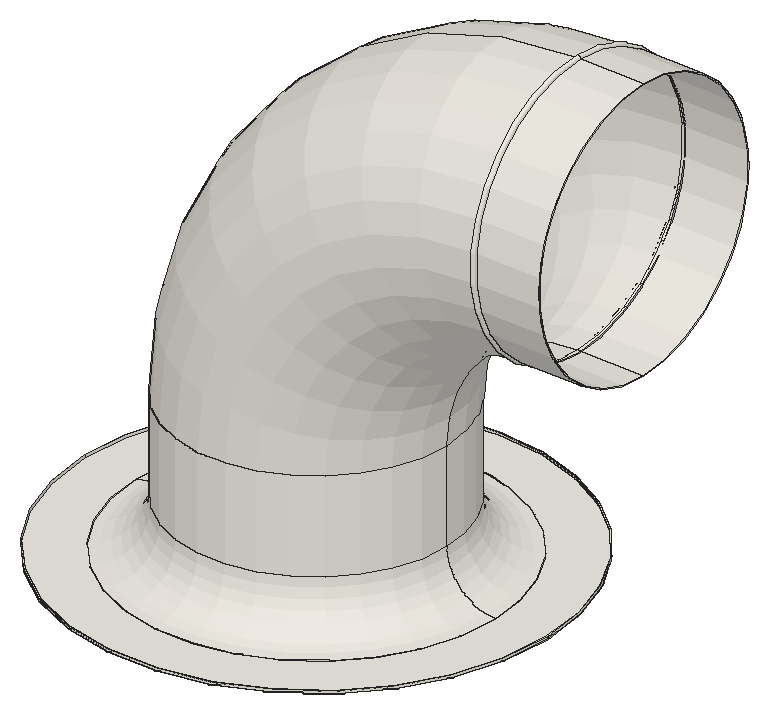
Revit family "Air Terminals_LDI-V_Formstück", category Air Terminals, Revit 2017
Family settings
  Round Connector Dimension = Use Diameter
  Part Type = Normal
  OmniClass Number = 23.40.40.14.21.11
  OmniClass Title = Food Service Hoods
  Work Plane-Based = No
  Always vertical = Yes
  Cut with Voids When Loaded = No
  Shared = No
  Room Calculation Point = No
Parameters (values of type "LDI-V/EI_DN 800")
  ∆p (Pa) = if(DN = 1, "31/61/119", if(DN = 2, "39/76/138", if(DN = 3, "37/71/143", if(DN = 4, "32/62/124", if(DN = 5, "27/53/104", "24/47/91")))))  # "24/47/91"
  Ymax (m) = if(DN = 1, "2.5/3.7/5.5", if(DN = 2, "3.5/5.2/7.3", if(DN = 3, "3.8/5.5/8.2", if(DN = 4, "3.9/5.7/8.4", if(DN = 5, "4.0/5.8/8.6", "4.2/6.1/8.9")))))  # "4.2/6.1/8.9"
  Vo (m3/h) = if(DN = 1, "410/580/810", if(DN = 2, "820/1150/1550", if(DN = 3, "1300/1800/2550", if(DN = 4, "1900/2650/3750", if(DN = 5, "2800/3900/5500", "4300/6000/8300")))))  # "4300/6000/8300"
  Visible_DN = no
  Visible = yes
  Mindestabstand (m) = if(DN = 1, "2.0/2.8/3.9", if(DN = 2, "2.9/4.1/5.5", if(DN = 3, "3.3/4.6/6.5", if(DN = 4, "3.6/5.0/7.1", if(DN = 5, "3.9/5.5/7.7", "4.4/6.1/8.4")))))  # "4.4/6.1/8.4"
  Min Flow = 0.0 L/s
  Maß Ø R1 mm = if(DN = 1, 480 mm, if(DN = 2, 580 mm, if(DN = 3, 750 mm, if(DN = 4, 925 mm, if(DN = 5, 1160 mm, 1420 mm)))))  # 1420 mm
  Maß Ø R mm = if(DN = 1, 330 mm, if(DN = 2, 415 mm, if(DN = 3, 535 mm, if(DN = 4, 660 mm, if(DN = 5, 830 mm, 1100 mm)))))  # 1100 mm
  Maß Ø D1 = if(DN = 1, 223 mm, if(DN = 2, 279 mm, if(DN = 3, 354 mm, if(DN = 4, 449 mm, 559 mm))))  # 559 mm
  Maß Ø A mm = if(DN = 1, 253 mm, if(DN = 2, 318 mm, if(DN = 3, 403 mm, if(DN = 4, 503 mm, if(DN = 5, 633 mm, 804 mm)))))  # 804 mm
  Maß K (nur LDI-V) mm = 8 mm  # constant formula
  Maß H mm = if(DN = 1, 140 mm, if(DN = 2, 175 mm, if(DN = 3, 215 mm, if(DN = 4, 280 mm, if(DN = 5, 355 mm, 425 mm)))))  # 425 mm
  Max Flow = 0.0 L/s
  Material [instance] = "Aluminium"  # constant formula
  Masse (kg) SM_EI/ EA_TA/TB = if(L = 1, "2.7", if(L = 2, "3.8", if(L = 3, "6.3", if(L = 4, "8.9", if(L = 5, "14.5", if(L = 6, "30.0", if(L = 7, "4.1", if(L = 8, "5.3", if(L = 9, "7.0", if(L = 10, "10.2", if(L = 11, "15.4", if(L = 12, "31.2", if(L = 13, "4.1", if(L = 14, "5.3", if(L = 15, "6.7", if(L = 16, "9.9", if(L = 17, "15.1", "30.2")))))))))))))))))  # "31.2"
  Lwa (dB(A)) = if(DN = 1, "40/50/60", if(DN = 2, "40/50/60", if(DN = 3, "40/50/60", if(DN = 4, "40/50/60", if(DN = 5, "40/50/60", "40/50/60")))))  # "40/50/60"
  Leaf_b = if(DN = 1, 120 mm, if(DN = 2, 150 mm, if(DN = 3, 190 mm, if(DN = 4, 239 mm, if(DN = 5, 300 mm, 381 mm)))))  # 381 mm
  L = 12
  Einbauhöhe (m) = if(DN = 1, "3.0/3.0/3.0", if(DN = 2, "4.5/4.5/4.5", if(DN = 3, "6.0/6.0/6.0", if(DN = 4, "8.0/8.0/8.0", if(DN = 5, "10.0/10.0/10.0", "12.0/12.0/12.0")))))  # "12.0/12.0/12.0"
  DN = 6
  Color [instance] = RAL 9010
  Bauhöhe L (nur EI/EA_nur TA/TB) mm = if(L = 1, 0 mm, if(L = 2, 0 mm, if(L = 3, 0 mm, if(L = 4, 0 mm, if(L = 5, 0 mm, if(L = 6, 0 mm, if(L = 7, 285 mm, if(L = 8, 295 mm, if(L = 9, 300 mm, if(L = 10, 325 mm, if(L = 11, 345 mm, if(L = 12, 425 mm, if(L = 13, 270 mm, if(L = 14, 280 mm, if(L = 15, 290 mm, if(L = 16, 290 mm, if(L = 17, 355 mm, 425 mm)))))))))))))))))  # 425 mm
Types (19, lengths in mm): name | ∆p (Pa) | Ymax (m) | Vo (m3/h) | Visible_DN | Visible | Mindestabstand (m) | Maß Ø R1 mm | Maß Ø R mm | Maß Ø D1 | Maß Ø A mm | Maß H mm | Masse (kg) SM_EI/ EA_TA/TB | Leaf_b | L | Einbauhöhe (m) | DN | Bauhöhe L (nur EI/EA_nur TA/TB) mm
  (no name) | "24/47/91" | "4.2/6.1/8.9" | "4300/6000/8300" | no | yes | "4.4/6.1/8.4" | 1420 | 1100 | 559 | 804 | 425 | "31.2" | 381 | 12 | "12.0/12.0/12.0" | 6 | 425
  LDI-V/SM_DN 250 | "31/61/119" | "2.5/3.7/5.5" | "410/580/810" | yes | no | "2.0/2.8/3.9" | 480 | 330 | 223 | 253 | 140 | "2.7" | 120 | 1 | "3.0/3.0/3.0" | 1 | 0
  LDI-V/SM_DN 315 | "39/76/138" | "3.5/5.2/7.3" | "820/1150/1550" | yes | no | "2.9/4.1/5.5" | 580 | 415 | 279 | 318 | 175 | "3.8" | 150 | 2 | "4.5/4.5/4.5" | 2 | 0
  LDI-V/SM_DN 400 | "37/71/143" | "3.8/5.5/8.2" | "1300/1800/2550" | yes | no | "3.3/4.6/6.5" | 750 | 535 | 354 | 403 | 215 | "6.3" | 190 | 3 | "6.0/6.0/6.0" | 3 | 0
  LDI-V/SM_DN 500 | "32/62/124" | "3.9/5.7/8.4" | "1900/2650/3750" | yes | no | "3.6/5.0/7.1" | 925 | 660 | 449 | 503 | 280 | "8.9" | 239 | 4 | "8.0/8.0/8.0" | 4 | 0
  LDI-V/SM_DN 630 | "27/53/104" | "4.0/5.8/8.6" | "2800/3900/5500" | yes | no | "3.9/5.5/7.7" | 1160 | 830 | 559 | 633 | 355 | "14.5" | 300 | 5 | "10.0/10.0/10.0" | 5 | 0
  LDI-V/SM_DN 800 | "24/47/91" | "4.2/6.1/8.9" | "4300/6000/8300" | no | no | "4.4/6.1/8.4" | 1420 | 1100 | 559 | 804 | 425 | "30.0" | 381 | 6 | "12.0/12.0/12.0" | 6 | 0
  LDI-V/EI_DN 250 | "31/61/119" | "2.5/3.7/5.5" | "410/580/810" | yes | yes | "2.0/2.8/3.9" | 480 | 330 | 223 | 253 | 140 | "4.1" | 120 | 7 | "3.0/3.0/3.0" | 1 | 285
  LDI-V/EI_DN 315 | "39/76/138" | "3.5/5.2/7.3" | "820/1150/1550" | yes | yes | "2.9/4.1/5.5" | 580 | 415 | 279 | 318 | 175 | "5.3" | 150 | 8 | "4.5/4.5/4.5" | 2 | 295
  LDI-V/EI_DN 400 | "37/71/143" | "3.8/5.5/8.2" | "1300/1800/2550" | yes | yes | "3.3/4.6/6.5" | 750 | 535 | 354 | 403 | 215 | "7.0" | 190 | 9 | "6.0/6.0/6.0" | 3 | 300
  LDI-V/EI_DN 500 | "32/62/124" | "3.9/5.7/8.4" | "1900/2650/3750" | yes | yes | "3.6/5.0/7.1" | 925 | 660 | 449 | 503 | 280 | "10.2" | 239 | 10 | "8.0/8.0/8.0" | 4 | 325
  LDI-V/EI_DN 630 | "27/53/104" | "4.0/5.8/8.6" | "2800/3900/5500" | yes | yes | "3.9/5.5/7.7" | 1160 | 830 | 559 | 633 | 355 | "15.4" | 300 | 11 | "10.0/10.0/10.0" | 5 | 345
  LDI-V/EI_DN 800 | "24/47/91" | "4.2/6.1/8.9" | "4300/6000/8300" | no | yes | "4.4/6.1/8.4" | 1420 | 1100 | 559 | 804 | 425 | "31.2" | 381 | 12 | "12.0/12.0/12.0" | 6 | 425
  LDI-V/TA_DN 250 | "31/61/119" | "2.5/3.7/5.5" | "410/580/810" | yes | yes | "2.0/2.8/3.9" | 480 | 330 | 223 | 253 | 140 | "4.1" | 120 | 13 | "3.0/3.0/3.0" | 1 | 270
  LDI-V/TA_DN 315 | "39/76/138" | "3.5/5.2/7.3" | "820/1150/1550" | yes | yes | "2.9/4.1/5.5" | 580 | 415 | 279 | 318 | 175 | "5.3" | 150 | 14 | "4.5/4.5/4.5" | 2 | 280
  LDI-V/TA_DN 400 | "37/71/143" | "3.8/5.5/8.2" | "1300/1800/2550" | yes | yes | "3.3/4.6/6.5" | 750 | 535 | 354 | 403 | 215 | "6.7" | 190 | 15 | "6.0/6.0/6.0" | 3 | 290
  LDI-V/TA_DN 500 | "32/62/124" | "3.9/5.7/8.4" | "1900/2650/3750" | yes | yes | "3.6/5.0/7.1" | 925 | 660 | 449 | 503 | 280 | "9.9" | 239 | 16 | "8.0/8.0/8.0" | 4 | 290
  LDI-V/TA_DN 630 | "27/53/104" | "4.0/5.8/8.6" | "2800/3900/5500" | yes | yes | "3.9/5.5/7.7" | 1160 | 830 | 559 | 633 | 355 | "15.1" | 300 | 17 | "10.0/10.0/10.0" | 5 | 355
  LDI-V/TA_DN 800 | "24/47/91" | "4.2/6.1/8.9" | "4300/6000/8300" | no | yes | "4.4/6.1/8.4" | 1420 | 1100 | 559 | 804 | 425 | "30.2" | 381 | 18 | "12.0/12.0/12.0" | 6 | 425
Reference planes
  plane 1 "Center (Front/Back)": y = 0
  plane 2: z = 0
  plane 3 "Center (Left/Right)": x = 0
  plane 4: z = 425
Forms (mm)
  Extrusion 1, solid, material "RAL 9010", visible <- "Visible"
    sketch origin (0, 0, 0) x (1, 0, 0) y (0, 1, 0)
      loop
        circle (0, 0) r 30
    from 80 to 425
  Extrusion 2, solid, material "RAL 9010", visible <- "Visible", detail levels coarse+medium
    sketch origin (0, 0, 0) x (1, 0, 0) y (0, 1, 0)
      loop
        circle (0, 0) r 35
    from 80 to 425
  Extrusion 3, solid, material "RAL 9010", detail levels coarse+medium
    sketch origin (0, 0, 0) x (1, 0, 0) y (0, 1, 0)
      loop
        circle (0, 0) r 402
    from 10 to 11
  Extrusion 4, solid, material "RAL 9010", detail levels coarse+medium
    sketch origin (0, 0, -190) x (1, 0, 0) y (0, 1, 0)
      loop
        circle (0, 0) r 35
    from 190 to 270
Dimensions and locks
  "Bauhöhe L (nur EI/EA_nur TA/TB) mm": plane 4 to level
  "Maß Ø A mm": diameter of Extrusion 3 sketch curve
  aligned and locked: plane 4 to Extrusion 1
  aligned and locked: plane 4 to Extrusion 2
  aligned and locked: Extrusion 1 to nested 2
  aligned and locked: Extrusion 4 to nested 2
Automatic sketch dimensions
  plane 1 "Center (Front/Back)" to Extrusion 1 sketch curve = 0 mm
  Extrusion 1 sketch curve to plane 3 "Center (Left/Right)" = 0 mm
  plane 1 "Center (Front/Back)" to Extrusion 2 sketch curve = 0 mm
  Extrusion 2 sketch curve to plane 3 "Center (Left/Right)" = 0 mm
  plane 1 "Center (Front/Back)" to Extrusion 4 sketch curve = 0 mm
  Extrusion 4 sketch curve to plane 3 "Center (Left/Right)" = 0 mm
  plane 1 "Center (Front/Back)" to Extrusion 3 sketch curve = 0 mm
  Extrusion 3 sketch curve to plane 3 "Center (Left/Right)" = 0 mm
  radius of Extrusion 1 sketch curve = 30 mm
  radius of Extrusion 2 sketch curve = 35 mm
  radius of Extrusion 4 sketch curve = 35 mm
Nested families
  nested 1: "LDI_No K" at (0, 0, 0), type "LDI_No K"
  nested 2: "Fan" at (0, 0, 0), type "Fan", detail levels fine
    with Maß Ø A mm 804 mm, Leaf_b 381 mm
  nested 3: "LDI_K" at (0, 0, 0), type "LDI_K"
    with Maß Ø R1 mm 1420 mm, Maß Ø R mm 1100 mm
  nested 4: "Formstück" at (0, 0, 0), type "Formstück_DN 250"
    with Material "Aluminium", Color RAL 9010, Th_Ø A 802 mm, Maß Ø A mm 804 mm, Maß l2 201 mm, Maß l1 402 mm, Maß H mm 425 mm, DN 6
Connectors
  hvac at (1005, 0, 1229), driven by "Maß Ø A mm"
    settings: on nested 4, index 1, duct flow 0.0 L/s, flow factor 0, pres drop 0.0 Pa, loss coef 0, conn angle 0.00°, conn width 304.8 mm, conn height 304.8 mm, conn diameter 804 mm, duct sys type 1, conn prof type 0, flow config 0, flow direction 0, loss method 0, conn ref index -1, conn util no, is conn primary yes, conn desc ""
Definition of nested family "LDI_No K"
  Parameters (values of type "LDI_No K")
    Maß Ø R mm = 1100 mm
    Maß Ø A mm = 804 mm
    Maß H mm = 425 mm
  Reference planes
    plane 1 "Center (Front/Back)": y = 0
    plane 2: z = 0
    plane 3 "Center (Left/Right)": x = 0
  Forms (mm)
    Sweep 1, solid
      path origin (0, 0, 0) x (1, 0, 0) y (0, 1, 0)
        loop
          circle (0, 0) r 550
      profile "P_No K : P_No K" origin (0, 550, 0) x (0, -1, 0) y (0, 0, 1)
        loop
          line (148, 425) -> (148, 148)
          arc (148, 148) -> (104.652, 43.348) -> (0, 0) r 148
          line (0, 0) -> (0, -1)
          arc (0, -1) -> (105.359, 42.641) -> (149, 148) r 149
          line (149, 148) -> (149, 425) -> (148, 425)
  Dimensions and locks
    "Maß Ø R mm": diameter of Sweep 1 sketch curve
    aligned and locked: level to plane 2
  Automatic sketch dimensions
    plane 1 "Center (Front/Back)" to Sweep 1 sketch curve = 0 mm
    Sweep 1 sketch curve to plane 3 "Center (Left/Right)" = 0 mm
Definition of nested family "Fan"
  Parameters (values of type "Fan")
    Maß Ø A mm = 253 mm
    Leaf_b = 120 mm
  Reference planes
    plane 1 "Center (Front/Back)": y = 0
    plane 2: z = 0
    plane 3 "Center (Left/Right)": x = 0
  Forms (mm)
    Extrusion 1, solid
      sketch origin (0, 0, 0) x (1, 0, 0) y (0, 1, 0)
        loop
          circle (0, 0) r 35
      from 0 to 80
    Sweep 2, void
      path in 3D
        loop
          arc (35, 0, 0) -> (0, 35, 0) -> (-35, 0, 0) r 35
          arc (-35, 0, 0) -> (0, -35, 0) -> (35, 0, 0) r 35
      profile origin (0, -35, 0) x (0, -1, 0) y (0, 0, -1)
        loop
          line (0, 0) -> (-25, 0)
          arc (-25, 0) -> (-8.992, -5.615) -> (0, -20) r 25.625
          line (0, -20) -> (0, 0)
  Cuts and joins
    Sweep 2 cuts Extrusion 1
  Lines and regions (mm)
    sketch lines
      curve 1: arc (-35, 0, 0) -> (0, -35, 0) -> (35, 0, 0) r 35
      curve 2: arc (35, 0, 0) -> (0, 35, 0) -> (-35, 0, 0) r 35
  Dimensions and locks
    aligned and locked: level to plane 2
  Nested families
    nested 1: "Leaf" at (0, 0, 30), type "Leaf"
    nested 2: "Leaf" at (0, 0, 30) x (0.5, 0.866, 0) z (0, 0, 1), type "Leaf"
    nested 3: "Leaf" at (0, 0, 30) x (-0.5, 0.866, 0) z (0, 0, 1), type "Leaf"
    nested 4: "Leaf" at (0, 0, 30) x (-1, 0, 0) z (0, 0, 1), type "Leaf"
    nested 5: "Leaf" at (0, 0, 30) x (-0.5, -0.866, 0) z (0, 0, 1), type "Leaf"
    nested 6: "Leaf" at (0, 0, 30) x (0.5, -0.866, 0) z (0, 0, 1), type "Leaf"
  Definition of nested family "Leaf"
    Parameters (values of type "Leaf")
      RA2 = Maß Ø A mm - 10 mm  # 243 mm
      RA1 = 30 mm
      RA = Maß Ø A mm / 2  # 126.5 mm
      Maß Ø A mm = 253 mm
      Leaf_b = 120 mm
    Reference planes
      plane 1 "Center (Front/Back)": y = 0
      plane 2: z = 0
      plane 3 "Center (Left/Right)": x = 0
      plane 4: x = 30
      plane 5: x = 121.5
      plane 6: x = 126.5
    Forms (mm)
      SweptBlend 1, solid
        path origin (0, 0, 0) x (1, 0, 0) y (0, 1, 0)
          loop
            line (30, 0) -> (121.5, 0)
        profile "P_leaf_a : P_leaf_a" origin (30, 0, 0) x (0, 1, 0) y (0, 0, 1)
          loop
            line (12.99, -7.5) -> (13.49, -6.634) -> (-12.49, 8.366) -> (-12.99, 7.5) -> (12.99, -7.5)
        end profile "P_leaf_b : P_leaf_b" origin (121.5, 0, 0) x (0, 1, 0) y (0, 0, 1)
          loop
            line (51.962, -30) -> (52.462, -29.134) -> (-51.462, 30.866) -> (-51.962, 30) -> (51.962, -30)
      Extrusion 2, void
        sketch origin (0, 0, 0) x (1, 0, 0) y (0, 1, 0)
          loop
            circle (0, 0) r 121.5
          loop
            circle (0, 0) r 447
        from -122.755 to 138.973
    Cuts and joins
      Extrusion 2 cuts SweptBlend 1
    Dimensions and locks
      "RA1": plane 3 "Center (Left/Right)" to plane 4
      "RA": plane 3 "Center (Left/Right)" to plane 6
      locked: plane 5 to plane 6 at 5
      "RA2": diameter of Extrusion 2 sketch curve
      aligned and locked: level to plane 2
      aligned and locked: plane 1 "Center (Front/Back)" to SweptBlend 1 sketch curve
    Automatic sketch dimensions
      SweptBlend 1 sketch curve to plane 4 = 0 mm
      SweptBlend 1 sketch curve to plane 5 = 0 mm
      Extrusion 2 sketch curve to Extrusion 2 sketch curve = 0 mm  (x2)
      plane 1 "Center (Front/Back)" to Extrusion 2 sketch curve = 0 mm
      Extrusion 2 sketch curve to plane 3 "Center (Left/Right)" = 0 mm
      radius of Extrusion 2 sketch curve = 447 mm
Definition of nested family "LDI_K"
  Parameters (values of type "LDI_K")
    Maß Ø R1 mm = 480 mm
    Maß Ø R mm = 330 mm
    Maß K (nur LDI-V) mm = 8 mm
  Reference planes
    plane 1 "Center (Front/Back)": y = 0
    plane 2: z = 0
    plane 3 "Center (Left/Right)": x = 0
  Forms (mm)
    Sweep 1, solid
      path origin (0, 0, 0) x (1, 0, 0) y (0, 1, 0)
        loop
          circle (0, 0) r 165
      profile "P_K : P_K" origin (0, 165, 0) x (0, -1, 0) y (0, 0, 1)
        loop
          line (0, -1) -> (0, 0) -> (-74, 0) -> (-74, 8) -> (-75, 8) -> (-75, 0)
          arc (-75, 0) -> (-74.707, -0.707) -> (-74, -1) r 1
          line (-74, -1) -> (0, -1)
  Dimensions and locks
    "Maß Ø R mm": diameter of Sweep 1 sketch curve
    aligned and locked: level to plane 2
  Automatic sketch dimensions
    plane 1 "Center (Front/Back)" to Sweep 1 sketch curve = 0 mm
    Sweep 1 sketch curve to plane 3 "Center (Left/Right)" = 0 mm
Definition of nested family "Formstück"
  Parameters (values of type "Formstück_DN 800")
    Th_Ø A = Maß Ø A mm - 2 mm  # 802 mm
    Min Flow = 0.0 L/s
    Maß Ø A mm = if(DN = 1, 253 mm, if(DN = 2, 318 mm, if(DN = 3, 403 mm, if(DN = 4, 503 mm, if(DN = 5, 633 mm, 804 mm)))))  # 804 mm
    Maß l2 = Maß l1 / 2  # 201 mm
    Maß l1 = Maß Ø A mm / 2  # 402 mm
    Maß H mm = if(DN = 1, 140 mm, if(DN = 2, 175 mm, if(DN = 3, 215 mm, if(DN = 4, 280 mm, if(DN = 5, 355 mm, 425 mm)))))  # 425 mm
    Max Flow = 0.0 L/s
    Material [instance] = "Aluminium"  # constant formula
    Gewicht (kg) = if(DN = 1, "3.5", if(DN = 2, "5.0", if(DN = 3, "8.5", if(DN = 4, "12.0", if(DN = 5, "16.0", "20.0")))))  # "20.0"
    DN = 6
    Color [instance] = none
  Types (7, lengths in mm): name | Th_Ø A | Maß Ø A mm | Maß l2 | Maß l1 | Maß H mm | Gewicht (kg) | DN
    (no name) | 802 | 804 | 201 | 402 | 425 | "20.0" | 6
    Formstück_DN 250 | 251 | 253 | 63.25 | 126.5 | 140 | "3.5" | 1
    Formstück_DN 315 | 316 | 318 | 79.5 | 159 | 175 | "5.0" | 2
    Formstück_DN 400 | 401 | 403 | 100.75 | 201.5 | 215 | "8.5" | 3
    Formstück_DN 500 | 501 | 503 | 125.75 | 251.5 | 280 | "12.0" | 4
    Formstück_DN 630 | 631 | 633 | 158.25 | 316.5 | 355 | "16.0" | 5
    Formstück_DN 800 | 802 | 804 | 201 | 402 | 425 | "20.0" | 6
  Reference planes
    plane 1 "Center (Front/Back)": y = 0
    plane 2: z = 0
    plane 3 "Center (Left/Right)": x = 0
    plane 4: z = 425
    plane 5: x = 402
    plane 6: x = -402
    plane 7: z = 827
    plane 8: z = 1631
    plane 9: z = 1229
    plane 10: x = 804
    plane 11: x = 1005
  Forms (mm)
    Sweep 1, solid
      path origin (0, 0, 0) x (1, 0, 0) y (0, 0, 1)
        loop
          line (1005, 1229) -> (804, 1229)
          arc (804, 1229) -> (235.486, 993.514) -> (0, 425) r 804
      profile origin (904.5, 0, 1229) x (0, 0, -1) y (0, -1, 0)
        loop
          circle (0, 0) r 402
        loop
          circle (0, 0) r 401
    Sweep 2, solid, detail levels fine
      path in 3D
        loop
          arc (1005, 0, 1631) -> (1005, 402, 1229) -> (1005, 0, 827) r 402
          arc (1005, 0, 827) -> (1005, -402, 1229) -> (1005, 0, 1631) r 402
      profile "P_L2 : P_L2" origin (1005, -402, 1229) x (0, -1, 0) y (1, 0, 0)
        loop
          line (0, -193.5) -> (0, -208.5)
          arc (0, -208.5) -> (7.5, -201) -> (0, -193.5) r 7.5
  Lines and regions (mm)
    sketch lines
      curve 1: arc (1005, 0, 827) -> (1005, -402, 1229) -> (1005, 0, 1631) r 402
      curve 2: arc (1005, 0, 1631) -> (1005, 402, 1229) -> (1005, 0, 827) r 402
  Dimensions and locks
    "Maß H mm": plane 4 to level
    equal spacing: plane 5, plane 3 "Center (Left/Right)", plane 6
    "Maß Ø A mm": plane 5 to plane 6
    equal spacing: plane 8, plane 9, plane 7
    "Maß Ø A mm": plane 8 to plane 7
    "Maß l1": plane 10 to plane 5
    "Maß l2": plane 11 to plane 10
    "Maß l1": plane 7 to plane 4
    "Th_Ø A": diameter of Sweep 1 sketch curve
    "Maß Ø A mm": diameter of Sweep 1 sketch curve
    aligned and locked: plane 9 to Sweep 1 sketch curve
  Automatic sketch dimensions
    Sweep 1 sketch curve to plane 3 "Center (Left/Right)" = 0 mm
    Sweep 1 sketch curve to plane 10 = 0 mm
    Sweep 1 sketch curve to plane 11 = 0 mm
    Sweep 1 sketch curve to Sweep 1 sketch curve = 0 mm  (x2)
    Sweep 1 sketch curve to plane 1 "Center (Front/Back)" = 0 mm
    Sweep 1 sketch curve to profile plane = 0 mm
  Connectors
    hvac at (1005, 0, 1229), driven by "Maß Ø A mm"
      settings: on Sweep 1, index 1, duct flow 0.0 L/s, flow factor 0, pres drop 0.0 Pa, loss coef 0, conn angle 0.00°, conn width 304.8 mm, conn height 304.8 mm, conn diameter 804 mm, duct sys type 1, conn prof type 0, flow config 1, flow direction 1, loss method 0, conn ref index -1, conn util no, is conn primary yes, conn desc ""
